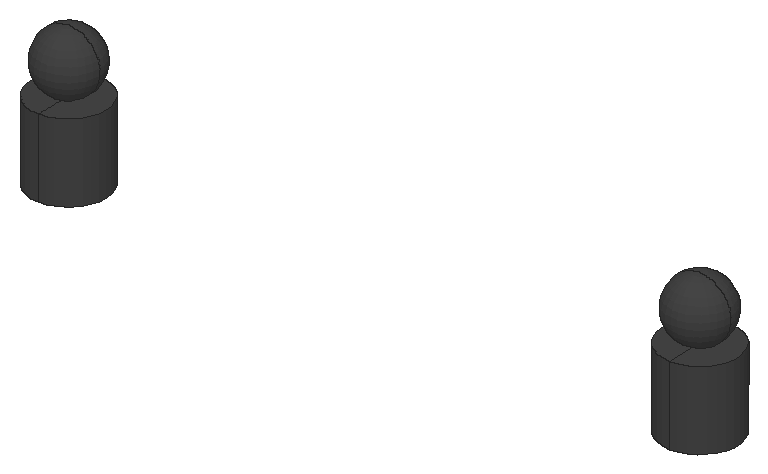
Revit family "KL-4324P70", category Lighting Fixtures, Revit 2014
Parameters (values of type "KL_4300")
  Width = 24.88"
  Wattage Comments = "default"
  Wattage = 37 W
  W2 = 12.50"
  W1 = 6.19"
  built-in parameter 1150110 = 1 (stored number, unit not read)
  Voltage = 120 V
  URL = "https://www.hubbell.com/kimlighting/en/"
  Type Comments = "Flood Light"  # constant formula
  built-in parameter 1114217 = 1 (stored number, unit not read)
  Tilt Angle = 90.00°
  built-in parameter 1150109 = 1 (stored number, unit not read)
  built-in parameter 1150134 = (empty or 0)
  built-in parameter 1150113 = 1 (stored number, unit not read)
  Series = "Sign/Wall Lighter"  # constant formula
  Radius = Diameter / 2  # 2.50"
  Product Page URL = "https://www.hubbell.com/kimlighting/en/Products/Lighting-Controls/Commercial-Outdoor-Lighting/Flood-Lighting/SignWall-Lighter/p/248291"
  Product Documentation Link = "https://hubbellcdn.com/specsheet/kl_4300_ledkit_spec.pdf"
  Power Factor = 1
  Photometric Web Link = "https://www.hubbell.com/kimlighting/en/Products/Lighting-Controls/Commercial-Outdoor-Lighting/Flood-Lighting/SignWall-Lighter/p/248291#prod-photometry-section"
  Photometric Web File = "4324p70-16l4k.ies"
  Photometric Notes = "More IES files download on Photometric Web Link"  # constant formula
  Number of Poles = 1
  Model = "Sign/Wall Lighter"  # constant formula
  MasterFormat Title = "Landscape Lighting, Site Lighting, Walkway Lighting"  # constant formula
  Manufacturer = "Kim Lighting"  # constant formula
  Lumens = 1949.9 lm
  built-in parameter 1150115 = 1 (stored number, unit not read)
  built-in parameter 1150105 = 155.17 (stored number, unit not read)
  Load Classification = Lighting
  built-in parameter 1150137 = (empty or 0)
  built-in parameter 1150139 = (empty or 0)
  built-in parameter 1150112 = 1 (stored number, unit not read)
  built-in parameter 1150114 = 1 (stored number, unit not read)
  Lamp = "LED"  # constant formula
  built-in parameter 1150132 = (empty or 0)
  built-in parameter 1150102 = (empty or 0)
  built-in parameter 1150138 = (empty or 0)
  built-in parameter 1150107 = 3000 (stored number, unit not read)
  built-in parameter 1150106 = 1.5517 (stored number, unit not read)
  Height = 24.00"
  Glass = Glass-KIM-Temper Molded
  Finish = Powder Coat-Kim-Black
  built-in parameter 1150104 = 4.896 (stored number, unit not read)
  Dimming Lamp Color Temperature Shift = <None>
  Diameter = 5.00"  # constant formula
  Description = "The 4300 Sign/Wall Lighter LED utilizes Kim's high performance PicoPrism optics to produce clean, smooth, illumination for sign lighting or wall wash applications. Its compact size makes it easy to conceal behind plants and shrubbery, while offering the latest in LED technology and energy efficiency."  # constant formula
  Color Filter = 16777215
  built-in parameter 1114218 = 1 (stored number, unit not read)
  built-in parameter 1150133 = 10 (stored number, unit not read)
  Assembly Code = "D5020200"
  Apparent Load = 0 VA
Reference planes (in)
  plane 1 "Light Source Axis (F/B)": y = 0
  plane 2: z = 0
  plane 3 "Light Source Axis (L/R)": x = 0
  plane 4 "Light Source Elevation": z = 32.62598
  plane 5: x = 12.44
  plane 6: x = -12.44
  plane 7: y = 4.25
  plane 8: z = 7.13
  plane 9: z = 2.25
  plane 10: x = -6.25
  plane 11: x = 6.25
Forms (in)
  Extrusion 1, solid, material "Powder Coat-Kim-Black" <- "Finish", detail levels coarse
    sketch origin (0, -1.625, -0.125) x (0, 1, 0) y (0, 0, 1)
      loop
        arc (0.05404, 4.06602) -> (3.91335, 4.33057) -> (1.03504, 6.91506) r 2.1
        line (1.03504, 6.91506) -> (0.05404, 4.06602)
    from -12.44 to 12.44
  Extrusion 2, void
    sketch origin (0, -0.58996, 6.79006) x (0, -0.325568, -0.945519) y (1, 0, 0)
      loop
        line (0.30784, -12.07215) -> (2.55784, -12.07215) -> (2.55784, 11.92785) -> (0.30784, 11.92785) -> (0.30784, -12.07215)
    from -0.26508 to 0
  Extrusion 3, solid, material "Glass-KIM-Temper Molded" <- "Glass", detail levels coarse
    sketch origin (0, -0.58996, 6.79006) x (0, -0.325568, -0.945519) y (1, 0, 0)
      loop
        line (0.30784, -12.07215) -> (2.55784, -12.07215) -> (2.55784, 11.92785) -> (0.30784, 11.92785) -> (0.30784, -12.07215)
    from -0.11827 to 0
  Revolve 4, solid, material "Powder Coat-Kim-Black" <- "Finish"
    sketch origin (-6.25, -2.0625, 0) x (0, 1, 0) y (0, 0, 1)
      loop
        line (2.06785, 0) -> (2.06785, 1.55851) -> (1.31785, 1.55851) -> (1.31785, 0) -> (2.06785, 0)
      axis (2.06785, 1.55851) -> (2.06785, 0)
    angle from 0 to 360
  Revolve 5, solid, material "Powder Coat-Kim-Black" <- "Finish"
    sketch origin (0, 0, 0) x (1, 0, 0) y (0, 0, 1)
      loop
        arc (-6.25, 1.55851) -> (-5.625, 2.18351) -> (-6.25, 2.80851) r 0.625
        line (-6.25, 2.80851) -> (-6.25, 1.55851)
      axis (-6.25, 2.80851) -> (-6.25, 1.55851)
    angle from 0 to 360
  Revolve 6, solid, material "Powder Coat-Kim-Black" <- "Finish"
    sketch origin (6.25, -2.0625, 0) x (0, 1, 0) y (0, 0, -1)
      loop
        line (2.06785, 0) -> (1.31785, 0) -> (1.31785, -1.55851) -> (2.06785, -1.55851) -> (2.06785, 0)
      axis (2.06785, -1.55851) -> (2.06785, 0)
    angle from 0 to 360
  Revolve 7, solid, material "Powder Coat-Kim-Black" <- "Finish"
    sketch origin (0, 0, 0) x (-1, 0, 0) y (0, 0, 1)
      loop
        arc (-6.25, 1.55851) -> (-5.625, 2.18351) -> (-6.25, 2.80851) r 0.625
        line (-6.25, 2.80851) -> (-6.25, 1.55851)
      axis (-6.25, 2.80851) -> (-6.25, 1.55851)
    angle from 0 to 360
Cuts and joins
  Extrusion 2 cuts Extrusion 1
  joined: Revolve 4, Revolve 5
Dimensions and locks (in)
  plane 5 to plane 6 = 24.88"
  "Width": plane 5 to plane 6
  "W1": plane 10 to plane 6
  equal spacing: plane 11, plane 3 "Light Source Axis (L/R)", plane 10
  "W2": plane 11 to plane 10
  aligned and locked: Extrusion 1 to plane 6
  aligned and locked: plane 5 to Extrusion 1
  aligned and locked: Extrusion 1 to Extrusion 2
  aligned and locked: plane 10 to Revolve 4
  aligned and locked: Revolve 5 sketch curve to plane 10
  aligned and locked: plane 11 to Revolve 6
Automatic sketch dimensions
  plane 1 "Light Source Axis (F/B)" to Extrusion 1 sketch curve = 1.57096"
  plane 1 "Light Source Axis (F/B)" to Extrusion 1 sketch curve = 0.58996"
  Extrusion 1 sketch curve to plane 1 "Light Source Axis (F/B)" = 0.30276"
  plane 9 to Extrusion 1 sketch curve = 1.69102"
  Extrusion 1 sketch curve to Extrusion 1 sketch curve = 0.94824"
  Extrusion 2 sketch curve to Extrusion 1 = 0.30784"
  Extrusion 2 sketch curve to Extrusion 1 = 0.45537"
  Extrusion 1 to Extrusion 2 sketch curve = 0.36785"
  Extrusion 1 to Extrusion 2 sketch curve = 0.51215"
  Extrusion 3 sketch curve to Extrusion 1 = 0.30784"
  Extrusion 3 sketch curve to Extrusion 1 = 0.45537"
  Extrusion 1 to Extrusion 3 sketch curve = 0.36785"
  Extrusion 1 to Extrusion 3 sketch curve = 0.51215"
  Revolve 4 sketch curve to level = 0.00"
  plane 1 "Light Source Axis (F/B)" to Revolve 4 sketch curve = 0.74465"
  Revolve 4 sketch curve to plane 1 "Light Source Axis (F/B)" = 0.00535"  (x2)
  Revolve 4 sketch curve to plane 9 = 0.69149"
  Revolve 4 sketch curve to level = 1.82748"
  plane 9 to Revolve 4 sketch curve = 1.42252"
  Revolve 6 sketch curve to level = 0.00"
  plane 1 "Light Source Axis (F/B)" to Revolve 6 sketch curve = 0.74465"
  Revolve 6 sketch curve to plane 1 "Light Source Axis (F/B)" = 0.00535"  (x2)
  Revolve 6 sketch curve to plane 9 = 0.69149"
  plane 9 to Revolve 6 sketch curve = 1.42252"
  Revolve 6 sketch curve to Revolve 6 sketch curve = 1.82748"
  Revolve 5 sketch curve to plane 10 = 0.00"
  Revolve 5 sketch curve to plane 9 = 0.69149"
  Revolve 5 sketch curve to plane 9 = 0.06649"
  Revolve 5 sketch curve to level = 19.05686"
  Revolve 5 sketch curve to plane 4 "Light Source Elevation" = 30.53725"
  Revolve 7 sketch curve to plane 11 = 0.00"  (x2)
  plane 9 to Revolve 7 sketch curve = 0.69149"
  plane 9 to Revolve 7 sketch curve = 0.06649"
  level to Revolve 7 sketch curve = 19.05686"
  plane 4 "Light Source Elevation" to Revolve 7 sketch curve = 30.53725"
Nested families (in)
  nested 1: "Notation" at (0, 4.62623, 0), type "Notation"
Connectors (in)
  electrical at (6.25, 0.00535, 0)
    settings: on Revolve 6, index 1, voltage 120 V, apparent load 56 VA, apparent load phase1 0 VA, apparent load phase2 0 VA, apparent load phase3 0 VA, power factor 1, load classification "Other", number of poles 1, system type 30, power factor state 1, is connector primary yes, connector utility no, sub classification motor no, connector description "Lighting Connector"
Definition of nested family "Notation"
  Parameters (values of type "Notation")
    Notation = "LF"
  Reference planes (in)
    plane 1: y = 0
    plane 2: x = 0
  Text (in)
    label "Notation" at (0.02149, 0.07192, 0), shows "Notation"
